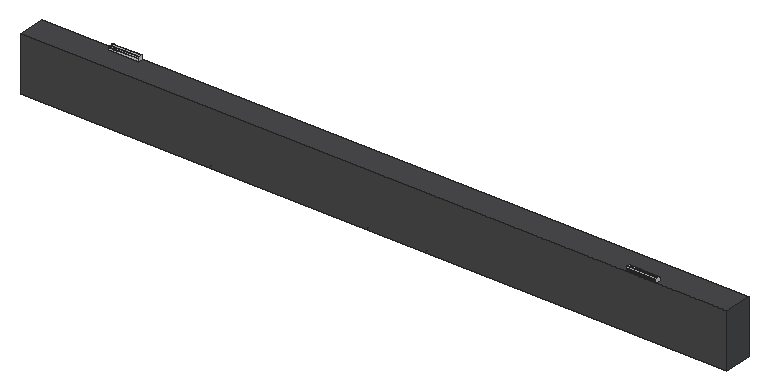
Revit family "DTM40N9.1.15", category Luminarias, Revit 2019
Family settings
  Cota de conector redondo = Diámetro de uso
  Tipo de pieza = Normal
  Se basa en plano de trabajo = Sí
  Siempre vertical = Sí
  Corte con vacíos al cargar = No
  Origen de luz = Sí
  Compartido = No
  Punto de cálculo de habitación = No
Parameters (values of type "RECTANGULAR DWN RIEL_DTM40N9.1.15")
  Ángulo de inclinación = 60.00°
  Zone [instance] = ""
  Watt per fixture = 42.9
  Wattage = 42.9 W
  built-in parameter 1150107 = 4000 (stored number, unit not read)
  built-in parameter 1150110 = 1 (stored number, unit not read)
  built-in parameter 1150109 = 1 (stored number, unit not read)
  built-in parameter 1150112 = 1 (stored number, unit not read)
  built-in parameter 1150113 = 1 (stored number, unit not read)
  built-in parameter 1114218 = 1 (stored number, unit not read)
  Keynote = ""
  built-in parameter 1150137 = (empty or 0)
  built-in parameter 1150132 = (empty or 0)
  Modelo = "DTM40N9.1.15"
  Lámpara = "3030SMD PHILIPS"
  built-in parameter 1150105 = 279.94 (stored number, unit not read)
  built-in parameter 1150102 = (empty or 0)
  built-in parameter 1150106 = 2.7994 (stored number, unit not read)
  Lumens = 3517.8 lm
  Color Filter = 16777215
  built-in parameter 1114217 = 1 (stored number, unit not read)
  built-in parameter 1150139 = (empty or 0)
  Fabricante = "BRILLANT"
  Default Elevation = 1219.2 mm
  built-in parameter 1150104 = 7.618 (stored number, unit not read)
  Descripción = "LUMINARIA DOWNLIGHT EN FORMATO RECTANGULAR COMPATIBLE CON RIEL DE 6 ENTRADAS Y 3 CIRCUITOS, CUERPO DE ALUMINIO ACABADO EN COLOR NEGRO, IP 20, PESO 1.98Kg, TIPO DE LED 3030SMD PHILIPS CON 42.9W TOTAL, 3200 LUMENES, 82LM/W, IRC 90, TEMPERATURA EN BLANCO FRIO 4000K, 50 MIL HORAS DE VIDA PROMEDIO, APERTURA DE 15 GRADOS POR PROYECTO, ALIMENTADO A 90-240V"
  built-in parameter 1150115 = 1 (stored number, unit not read)
  built-in parameter 1150114 = 1 (stored number, unit not read)
  Comentarios de vataje = "90-240V"
  built-in parameter 1150138 = (empty or 0)
  built-in parameter 1150134 = 12
  Circuit [instance] = ""
  Dimming Lamp Color Temperature Shift = (empty or 0)
  Archivo de red fotométrica = "L964A-40W-840-B-15_IESNA95.IES"
  built-in parameter 1150133 = 10 (stored number, unit not read)
Reference planes
  plane 1 "Centro (Frontal/Posterior)": y = 0
  plane 2: z = 0
  plane 3 "Centro (Izquierda/Derecha)": x = 0
Forms (mm)
  Extrusion 1, solid, material "Default Form"
    sketch origin (0, 0, 0) x (1, 0, 0) y (0, 0, 1)
      loop
        line (-473, 0) -> (-473, -72) -> (473, -72) -> (473, 0) -> (-473, 0)
    from -18.326 to 18.326
  Extrusion 2, solid
    sketch origin (-250, 0, 3.217) x (0, -1, 0) y (0, 0, 1)
      loop
        line (-12.149, -3.217) -> (-12.149, 0) -> (-12.935, 0) -> (-12.935, 1.637) -> (-13.796, 1.637) -> (-13.796, 0) -> (-14.582, 0) -> (-14.582, 0.811) -> (-15.443, 0.811) -> (-15.443, 0) -> (-16.233, 0) -> (-16.233, 2.691) -> (-17.279, 2.691) -> (-17.279, 0) -> (-18.061, 0) -> (-18.061, -0.861) -> (-17.162, -0.861) -> (-17.162, -2.042) -> (-18.326, -2.042) -> (-18.326, -3.217) -> (-12.149, -3.217)
    from 89.098 to 128.24
  Blend 3, void
    base sketch origin (-293.63, 0, 0) x (1, 0, 0) y (0, 1, 0)
      loop
        line (-162, 16.149) -> (-162, -16.149) -> (-144.14, -16.149) -> (-144.14, 16.149) -> (-162, 16.149)
    top sketch origin (-293.63, 0, 0) x (1, 0, 0) y (0, 1, 0)
      loop
        line (-160, 12.149) -> (-160, -12.149) -> (-146.14, -12.149) -> (-146.14, 12.149) -> (-160, 12.149)
    from -72 to -61.591
  Blend 4, void
    base sketch origin (-267.33, 0, 0) x (1, 0, 0) y (0, 1, 0)
      loop
        line (-162, 16.149) -> (-162, -16.149) -> (-144.14, -16.149) -> (-144.14, 16.149) -> (-162, 16.149)
    top sketch origin (-267.33, 0, 0) x (1, 0, 0) y (0, 1, 0)
      loop
        line (-160, 12.149) -> (-160, -12.149) -> (-146.14, -12.149) -> (-146.14, 12.149) -> (-160, 12.149)
    from -72 to -61.591
  Blend 5, void
    base sketch origin (-241.03, 0, 0) x (1, 0, 0) y (0, 1, 0)
      loop
        line (-162, 16.149) -> (-162, -16.149) -> (-144.14, -16.149) -> (-144.14, 16.149) -> (-162, 16.149)
    top sketch origin (-241.03, 0, 0) x (1, 0, 0) y (0, 1, 0)
      loop
        line (-160, 12.149) -> (-160, -12.149) -> (-146.14, -12.149) -> (-146.14, 12.149) -> (-160, 12.149)
    from -72 to -61.591
  Blend 6, void
    base sketch origin (-214.73, 0, 0) x (1, 0, 0) y (0, 1, 0)
      loop
        line (-162, 16.149) -> (-162, -16.149) -> (-144.14, -16.149) -> (-144.14, 16.149) -> (-162, 16.149)
    top sketch origin (-214.73, 0, 0) x (1, 0, 0) y (0, 1, 0)
      loop
        line (-160, 12.149) -> (-160, -12.149) -> (-146.14, -12.149) -> (-146.14, 12.149) -> (-160, 12.149)
    from -72 to -61.591
  Blend 7, void
    base sketch origin (-188.43, 0, 0) x (1, 0, 0) y (0, 1, 0)
      loop
        line (-162, 16.149) -> (-162, -16.149) -> (-144.14, -16.149) -> (-144.14, 16.149) -> (-162, 16.149)
    top sketch origin (-188.43, 0, 0) x (1, 0, 0) y (0, 1, 0)
      loop
        line (-160, 12.149) -> (-160, -12.149) -> (-146.14, -12.149) -> (-146.14, 12.149) -> (-160, 12.149)
    from -72 to -61.591
  Blend 8, void
    base sketch origin (-162.13, 0, 0) x (1, 0, 0) y (0, 1, 0)
      loop
        line (-162, 16.149) -> (-162, -16.149) -> (-144.14, -16.149) -> (-144.14, 16.149) -> (-162, 16.149)
    top sketch origin (-162.13, 0, 0) x (1, 0, 0) y (0, 1, 0)
      loop
        line (-160, 12.149) -> (-160, -12.149) -> (-146.14, -12.149) -> (-146.14, 12.149) -> (-160, 12.149)
    from -72 to -61.591
  Blend 9, void
    base sketch origin (-135.83, 0, 0) x (1, 0, 0) y (0, 1, 0)
      loop
        line (-162, 16.149) -> (-162, -16.149) -> (-144.14, -16.149) -> (-144.14, 16.149) -> (-162, 16.149)
    top sketch origin (-135.83, 0, 0) x (1, 0, 0) y (0, 1, 0)
      loop
        line (-160, 12.149) -> (-160, -12.149) -> (-146.14, -12.149) -> (-146.14, 12.149) -> (-160, 12.149)
    from -72 to -61.591
  Blend 10, void
    base sketch origin (-109.53, 0, 0) x (1, 0, 0) y (0, 1, 0)
      loop
        line (-162, 16.149) -> (-162, -16.149) -> (-144.14, -16.149) -> (-144.14, 16.149) -> (-162, 16.149)
    top sketch origin (-109.53, 0, 0) x (1, 0, 0) y (0, 1, 0)
      loop
        line (-160, 12.149) -> (-160, -12.149) -> (-146.14, -12.149) -> (-146.14, 12.149) -> (-160, 12.149)
    from -72 to -61.591
  Blend 11, void
    base sketch origin (-83.23, 0, 0) x (1, 0, 0) y (0, 1, 0)
      loop
        line (-162, 16.149) -> (-162, -16.149) -> (-144.14, -16.149) -> (-144.14, 16.149) -> (-162, 16.149)
    top sketch origin (-83.23, 0, 0) x (1, 0, 0) y (0, 1, 0)
      loop
        line (-160, 12.149) -> (-160, -12.149) -> (-146.14, -12.149) -> (-146.14, 12.149) -> (-160, 12.149)
    from -72 to -61.591
  Blend 12, void
    base sketch origin (-56.93, 0, 0) x (1, 0, 0) y (0, 1, 0)
      loop
        line (-162, 16.149) -> (-162, -16.149) -> (-144.14, -16.149) -> (-144.14, 16.149) -> (-162, 16.149)
    top sketch origin (-56.93, 0, 0) x (1, 0, 0) y (0, 1, 0)
      loop
        line (-160, 12.149) -> (-160, -12.149) -> (-146.14, -12.149) -> (-146.14, 12.149) -> (-160, 12.149)
    from -72 to -61.591
  Blend 13, void
    base sketch origin (-30.63, 0, 0) x (1, 0, 0) y (0, 1, 0)
      loop
        line (-162, 16.149) -> (-162, -16.149) -> (-144.14, -16.149) -> (-144.14, 16.149) -> (-162, 16.149)
    top sketch origin (-30.63, 0, 0) x (1, 0, 0) y (0, 1, 0)
      loop
        line (-160, 12.149) -> (-160, -12.149) -> (-146.14, -12.149) -> (-146.14, 12.149) -> (-160, 12.149)
    from -72 to -61.591
  Blend 14, void
    base sketch origin (-4.33, 0, 0) x (1, 0, 0) y (0, 1, 0)
      loop
        line (-162, 16.149) -> (-162, -16.149) -> (-144.14, -16.149) -> (-144.14, 16.149) -> (-162, 16.149)
    top sketch origin (-4.33, 0, 0) x (1, 0, 0) y (0, 1, 0)
      loop
        line (-160, 12.149) -> (-160, -12.149) -> (-146.14, -12.149) -> (-146.14, 12.149) -> (-160, 12.149)
    from -72 to -61.591
  Blend 15, void
    base sketch origin (21.97, 0, 0) x (1, 0, 0) y (0, 1, 0)
      loop
        line (-162, 16.149) -> (-162, -16.149) -> (-144.14, -16.149) -> (-144.14, 16.149) -> (-162, 16.149)
    top sketch origin (21.97, 0, 0) x (1, 0, 0) y (0, 1, 0)
      loop
        line (-160, 12.149) -> (-160, -12.149) -> (-146.14, -12.149) -> (-146.14, 12.149) -> (-160, 12.149)
    from -72 to -61.591
  Blend 16, void
    base sketch origin (48.27, 0, 0) x (1, 0, 0) y (0, 1, 0)
      loop
        line (-162, 16.149) -> (-162, -16.149) -> (-144.14, -16.149) -> (-144.14, 16.149) -> (-162, 16.149)
    top sketch origin (48.27, 0, 0) x (1, 0, 0) y (0, 1, 0)
      loop
        line (-160, 12.149) -> (-160, -12.149) -> (-146.14, -12.149) -> (-146.14, 12.149) -> (-160, 12.149)
    from -72 to -61.591
  Blend 17, void
    base sketch origin (74.57, 0, 0) x (1, 0, 0) y (0, 1, 0)
      loop
        line (-162, 16.149) -> (-162, -16.149) -> (-144.14, -16.149) -> (-144.14, 16.149) -> (-162, 16.149)
    top sketch origin (74.57, 0, 0) x (1, 0, 0) y (0, 1, 0)
      loop
        line (-160, 12.149) -> (-160, -12.149) -> (-146.14, -12.149) -> (-146.14, 12.149) -> (-160, 12.149)
    from -72 to -61.591
  Blend 18, void
    base sketch origin (100.87, 0, 0) x (1, 0, 0) y (0, 1, 0)
      loop
        line (-162, 16.149) -> (-162, -16.149) -> (-144.14, -16.149) -> (-144.14, 16.149) -> (-162, 16.149)
    top sketch origin (100.87, 0, 0) x (1, 0, 0) y (0, 1, 0)
      loop
        line (-160, 12.149) -> (-160, -12.149) -> (-146.14, -12.149) -> (-146.14, 12.149) -> (-160, 12.149)
    from -72 to -61.591
  Blend 19, void
    base sketch origin (127.17, 0, 0) x (1, 0, 0) y (0, 1, 0)
      loop
        line (-162, 16.149) -> (-162, -16.149) -> (-144.14, -16.149) -> (-144.14, 16.149) -> (-162, 16.149)
    top sketch origin (127.17, 0, 0) x (1, 0, 0) y (0, 1, 0)
      loop
        line (-160, 12.149) -> (-160, -12.149) -> (-146.14, -12.149) -> (-146.14, 12.149) -> (-160, 12.149)
    from -72 to -61.591
  Blend 20, void
    base sketch origin (153.47, 0, 0) x (1, 0, 0) y (0, 1, 0)
      loop
        line (-162, 16.149) -> (-162, -16.149) -> (-144.14, -16.149) -> (-144.14, 16.149) -> (-162, 16.149)
    top sketch origin (153.47, 0, 0) x (1, 0, 0) y (0, 1, 0)
      loop
        line (-160, 12.149) -> (-160, -12.149) -> (-146.14, -12.149) -> (-146.14, 12.149) -> (-160, 12.149)
    from -72 to -61.591
  Blend 21, void
    base sketch origin (179.77, 0, 0) x (1, 0, 0) y (0, 1, 0)
      loop
        line (-162, 16.149) -> (-162, -16.149) -> (-144.14, -16.149) -> (-144.14, 16.149) -> (-162, 16.149)
    top sketch origin (179.77, 0, 0) x (1, 0, 0) y (0, 1, 0)
      loop
        line (-160, 12.149) -> (-160, -12.149) -> (-146.14, -12.149) -> (-146.14, 12.149) -> (-160, 12.149)
    from -72 to -61.591
  Blend 22, void
    base sketch origin (206.07, 0, 0) x (1, 0, 0) y (0, 1, 0)
      loop
        line (-162, 16.149) -> (-162, -16.149) -> (-144.14, -16.149) -> (-144.14, 16.149) -> (-162, 16.149)
    top sketch origin (206.07, 0, 0) x (1, 0, 0) y (0, 1, 0)
      loop
        line (-160, 12.149) -> (-160, -12.149) -> (-146.14, -12.149) -> (-146.14, 12.149) -> (-160, 12.149)
    from -72 to -61.591
  Blend 23, void
    base sketch origin (232.37, 0, 0) x (1, 0, 0) y (0, 1, 0)
      loop
        line (-162, 16.149) -> (-162, -16.149) -> (-144.14, -16.149) -> (-144.14, 16.149) -> (-162, 16.149)
    top sketch origin (232.37, 0, 0) x (1, 0, 0) y (0, 1, 0)
      loop
        line (-160, 12.149) -> (-160, -12.149) -> (-146.14, -12.149) -> (-146.14, 12.149) -> (-160, 12.149)
    from -72 to -61.591
  Blend 24, void
    base sketch origin (258.67, 0, 0) x (1, 0, 0) y (0, 1, 0)
      loop
        line (-162, 16.149) -> (-162, -16.149) -> (-144.14, -16.149) -> (-144.14, 16.149) -> (-162, 16.149)
    top sketch origin (258.67, 0, 0) x (1, 0, 0) y (0, 1, 0)
      loop
        line (-160, 12.149) -> (-160, -12.149) -> (-146.14, -12.149) -> (-146.14, 12.149) -> (-160, 12.149)
    from -72 to -61.591
  Blend 25, void
    base sketch origin (284.97, 0, 0) x (1, 0, 0) y (0, 1, 0)
      loop
        line (-162, 16.149) -> (-162, -16.149) -> (-144.14, -16.149) -> (-144.14, 16.149) -> (-162, 16.149)
    top sketch origin (284.97, 0, 0) x (1, 0, 0) y (0, 1, 0)
      loop
        line (-160, 12.149) -> (-160, -12.149) -> (-146.14, -12.149) -> (-146.14, 12.149) -> (-160, 12.149)
    from -72 to -61.591
  Blend 26, void
    base sketch origin (311.27, 0, 0) x (1, 0, 0) y (0, 1, 0)
      loop
        line (-162, 16.149) -> (-162, -16.149) -> (-144.14, -16.149) -> (-144.14, 16.149) -> (-162, 16.149)
    top sketch origin (311.27, 0, 0) x (1, 0, 0) y (0, 1, 0)
      loop
        line (-160, 12.149) -> (-160, -12.149) -> (-146.14, -12.149) -> (-146.14, 12.149) -> (-160, 12.149)
    from -72 to -61.591
  Blend 27, void
    base sketch origin (337.57, 0, 0) x (1, 0, 0) y (0, 1, 0)
      loop
        line (-162, 16.149) -> (-162, -16.149) -> (-144.14, -16.149) -> (-144.14, 16.149) -> (-162, 16.149)
    top sketch origin (337.57, 0, 0) x (1, 0, 0) y (0, 1, 0)
      loop
        line (-160, 12.149) -> (-160, -12.149) -> (-146.14, -12.149) -> (-146.14, 12.149) -> (-160, 12.149)
    from -72 to -61.591
  Blend 28, void
    base sketch origin (363.87, 0, 0) x (1, 0, 0) y (0, 1, 0)
      loop
        line (-162, 16.149) -> (-162, -16.149) -> (-144.14, -16.149) -> (-144.14, 16.149) -> (-162, 16.149)
    top sketch origin (363.87, 0, 0) x (1, 0, 0) y (0, 1, 0)
      loop
        line (-160, 12.149) -> (-160, -12.149) -> (-146.14, -12.149) -> (-146.14, 12.149) -> (-160, 12.149)
    from -72 to -61.591
  Blend 29, void
    base sketch origin (390.17, 0, 0) x (1, 0, 0) y (0, 1, 0)
      loop
        line (-162, 16.149) -> (-162, -16.149) -> (-144.14, -16.149) -> (-144.14, 16.149) -> (-162, 16.149)
    top sketch origin (390.17, 0, 0) x (1, 0, 0) y (0, 1, 0)
      loop
        line (-160, 12.149) -> (-160, -12.149) -> (-146.14, -12.149) -> (-146.14, 12.149) -> (-160, 12.149)
    from -72 to -61.591
  Blend 30, void
    base sketch origin (416.47, 0, 0) x (1, 0, 0) y (0, 1, 0)
      loop
        line (-162, 16.149) -> (-162, -16.149) -> (-144.14, -16.149) -> (-144.14, 16.149) -> (-162, 16.149)
    top sketch origin (416.47, 0, 0) x (1, 0, 0) y (0, 1, 0)
      loop
        line (-160, 12.149) -> (-160, -12.149) -> (-146.14, -12.149) -> (-146.14, 12.149) -> (-160, 12.149)
    from -72 to -61.591
  Blend 31, void
    base sketch origin (442.77, 0, 0) x (1, 0, 0) y (0, 1, 0)
      loop
        line (-162, 16.149) -> (-162, -16.149) -> (-144.14, -16.149) -> (-144.14, 16.149) -> (-162, 16.149)
    top sketch origin (442.77, 0, 0) x (1, 0, 0) y (0, 1, 0)
      loop
        line (-160, 12.149) -> (-160, -12.149) -> (-146.14, -12.149) -> (-146.14, 12.149) -> (-160, 12.149)
    from -72 to -61.591
  Blend 32, void
    base sketch origin (469.07, 0, 0) x (1, 0, 0) y (0, 1, 0)
      loop
        line (-162, 16.149) -> (-162, -16.149) -> (-144.14, -16.149) -> (-144.14, 16.149) -> (-162, 16.149)
    top sketch origin (469.07, 0, 0) x (1, 0, 0) y (0, 1, 0)
      loop
        line (-160, 12.149) -> (-160, -12.149) -> (-146.14, -12.149) -> (-146.14, 12.149) -> (-160, 12.149)
    from -72 to -61.591
  Blend 33, void
    base sketch origin (495.37, 0, 0) x (1, 0, 0) y (0, 1, 0)
      loop
        line (-162, 16.149) -> (-162, -16.149) -> (-144.14, -16.149) -> (-144.14, 16.149) -> (-162, 16.149)
    top sketch origin (495.37, 0, 0) x (1, 0, 0) y (0, 1, 0)
      loop
        line (-160, 12.149) -> (-160, -12.149) -> (-146.14, -12.149) -> (-146.14, 12.149) -> (-160, 12.149)
    from -72 to -61.591
  Blend 34, void
    base sketch origin (521.67, 0, 0) x (1, 0, 0) y (0, 1, 0)
      loop
        line (-162, 16.149) -> (-162, -16.149) -> (-144.14, -16.149) -> (-144.14, 16.149) -> (-162, 16.149)
    top sketch origin (521.67, 0, 0) x (1, 0, 0) y (0, 1, 0)
      loop
        line (-160, 12.149) -> (-160, -12.149) -> (-146.14, -12.149) -> (-146.14, 12.149) -> (-160, 12.149)
    from -72 to -61.591
  Blend 35, void
    base sketch origin (547.97, 0, 0) x (1, 0, 0) y (0, 1, 0)
      loop
        line (-162, 16.149) -> (-162, -16.149) -> (-144.14, -16.149) -> (-144.14, 16.149) -> (-162, 16.149)
    top sketch origin (547.97, 0, 0) x (1, 0, 0) y (0, 1, 0)
      loop
        line (-160, 12.149) -> (-160, -12.149) -> (-146.14, -12.149) -> (-146.14, 12.149) -> (-160, 12.149)
    from -72 to -61.591
  Blend 36, void
    base sketch origin (574.27, 0, 0) x (1, 0, 0) y (0, 1, 0)
      loop
        line (-162, 16.149) -> (-162, -16.149) -> (-144.14, -16.149) -> (-144.14, 16.149) -> (-162, 16.149)
    top sketch origin (574.27, 0, 0) x (1, 0, 0) y (0, 1, 0)
      loop
        line (-160, 12.149) -> (-160, -12.149) -> (-146.14, -12.149) -> (-146.14, 12.149) -> (-160, 12.149)
    from -72 to -61.591
  Blend 37, void
    base sketch origin (600.57, 0, 0) x (1, 0, 0) y (0, 1, 0)
      loop
        line (-162, 16.149) -> (-162, -16.149) -> (-144.14, -16.149) -> (-144.14, 16.149) -> (-162, 16.149)
    top sketch origin (600.57, 0, 0) x (1, 0, 0) y (0, 1, 0)
      loop
        line (-160, 12.149) -> (-160, -12.149) -> (-146.14, -12.149) -> (-146.14, 12.149) -> (-160, 12.149)
    from -72 to -61.591
  Extrusion 38, solid
    sketch origin (250, 0, 3.217) x (0, 1, 0) y (0, 0, 1)
      loop
        line (-12.149, -3.217) -> (-12.149, 0) -> (-12.935, 0) -> (-12.935, 1.637) -> (-13.796, 1.637) -> (-13.796, 0) -> (-14.582, 0) -> (-14.582, 0.811) -> (-15.443, 0.811) -> (-15.443, 0) -> (-16.233, 0) -> (-16.233, 2.691) -> (-17.279, 2.691) -> (-17.279, 0) -> (-18.061, 0) -> (-18.061, -0.861) -> (-17.162, -0.861) -> (-17.162, -2.042) -> (-18.326, -2.042) -> (-18.326, -3.217) -> (-12.149, -3.217)
    from 89.098 to 128.24
Cuts and joins
  Blend 3, Blend 4, Blend 5, Blend 6, Blend 7, Blend 8, Blend 9, Blend 10, Blend 11, Blend 12, Blend 13, Blend 14, Blend 15, Blend 16, Blend 17, Blend 18, Blend 19, Blend 20, Blend 21, Blend 22, Blend 23, Blend 24, Blend 25, Blend 26, Blend 27, Blend 28, Blend 29, Blend 30, Blend 31, Blend 32, Blend 33, Blend 34, Blend 35, Blend 36, Blend 37 cuts Extrusion 1
Dimensions and locks
  equal spacing: Extrusion 1, plane 1 "Centro (Frontal/Posterior)", Extrusion 1
  Extrusion 1 to plane 1 "Centro (Frontal/Posterior)" = 18.326 mm
  Extrusion 1 to Extrusion 1 = 36.651 mm
  Extrusion 1 to Extrusion 1 = 72 mm
  Extrusion 1 to Extrusion 1 = 946 mm
  cut or joined group 1 (Extrusion 1, Blend 3, Blend 4, Blend 5, Blend 6, Blend 7, Blend 8, Blend 9, Blend 10, Blend 11, Blend 12, Blend 13, Blend 14, Blend 15, Blend 16, Blend 17, Blend 18, Blend 19, Blend 20, Blend 21, Blend 22, Blend 23, Blend 24, Blend 25, Blend 26, Blend 27, Blend 28, Blend 29, Blend 30, Blend 31, Blend 32, Blend 33, Blend 34, Blend 35, Blend 36, Blend 37) to cut or joined group 1 = 72 mm
  cut or joined group 1 to cut or joined group 1 = 36.651 mm
  cut or joined group 1 to cut or joined group 1 = 946 mm
  equal spacing: cut or joined group 1, plane 1 "Centro (Frontal/Posterior)", cut or joined group 1
  aligned and locked: level to plane 2
Automatic sketch dimensions
  Extrusion 1 sketch curve to level = 0 mm
  Extrusion 1 sketch curve to level = 72 mm
  Extrusion 1 sketch curve to plane 3 "Centro (Izquierda/Derecha)" = 473 mm
  plane 3 "Centro (Izquierda/Derecha)" to Extrusion 1 sketch curve = 473 mm
  Extrusion 2 sketch curve to level = 0 mm
  level to Extrusion 2 sketch curve = 1.175 mm
  Extrusion 2 sketch curve to plane 1 "Centro (Frontal/Posterior)" = 18.326 mm
  Extrusion 2 sketch curve to Extrusion 2 sketch curve = 0.265 mm
  Extrusion 2 sketch curve to Extrusion 2 sketch curve = 0.782 mm
  Extrusion 2 sketch curve to Extrusion 2 sketch curve = 1.164 mm
  Extrusion 2 sketch curve to Extrusion 2 sketch curve = 1.046 mm
  Extrusion 2 sketch curve to Extrusion 2 sketch curve = 0.789 mm
  Extrusion 2 sketch curve to Extrusion 2 sketch curve = 0.861 mm  (x3)
  Extrusion 2 sketch curve to Extrusion 2 sketch curve = 0.786 mm
  Extrusion 2 sketch curve to Extrusion 2 sketch curve = 0.785 mm
  Extrusion 2 sketch curve to Extrusion 2 sketch curve = 1.181 mm
  level to Extrusion 2 sketch curve = 3.217 mm
  Extrusion 2 sketch curve to Extrusion 2 sketch curve = 0 mm  (x2)
  Extrusion 2 sketch curve to Extrusion 2 sketch curve = 0.811 mm
  Extrusion 2 sketch curve to Extrusion 2 sketch curve = 0.826 mm
  Extrusion 2 sketch curve to Extrusion 2 sketch curve = 1.88 mm
  Blend 3 sketch curve to plane 1 "Centro (Frontal/Posterior)" = 16.149 mm
  Blend 3 sketch curve to plane 3 "Centro (Izquierda/Derecha)" = 455.63 mm
  Blend 3 sketch curve to Blend 3 sketch curve = 17.86 mm
  plane 1 "Centro (Frontal/Posterior)" to Blend 3 sketch curve = 16.149 mm
  Blend 3 sketch curve to plane 1 "Centro (Frontal/Posterior)" = 12.149 mm
  Blend 3 sketch curve to plane 3 "Centro (Izquierda/Derecha)" = 453.63 mm
  Blend 3 sketch curve to Blend 3 sketch curve = 13.86 mm
  plane 1 "Centro (Frontal/Posterior)" to Blend 3 sketch curve = 12.149 mm
  Blend 4 sketch curve to plane 1 "Centro (Frontal/Posterior)" = 16.149 mm
  Blend 4 sketch curve to plane 3 "Centro (Izquierda/Derecha)" = 429.33 mm
  Blend 4 sketch curve to Blend 4 sketch curve = 17.86 mm
  plane 1 "Centro (Frontal/Posterior)" to Blend 4 sketch curve = 16.149 mm
  Blend 4 sketch curve to plane 1 "Centro (Frontal/Posterior)" = 12.149 mm
  Blend 4 sketch curve to plane 3 "Centro (Izquierda/Derecha)" = 427.33 mm
  Blend 4 sketch curve to Blend 4 sketch curve = 13.86 mm
  plane 1 "Centro (Frontal/Posterior)" to Blend 4 sketch curve = 12.149 mm
  Blend 5 sketch curve to plane 1 "Centro (Frontal/Posterior)" = 16.149 mm
  Blend 5 sketch curve to plane 3 "Centro (Izquierda/Derecha)" = 403.03 mm
  Blend 5 sketch curve to Blend 5 sketch curve = 17.86 mm
  plane 1 "Centro (Frontal/Posterior)" to Blend 5 sketch curve = 16.149 mm
  Blend 5 sketch curve to plane 1 "Centro (Frontal/Posterior)" = 12.149 mm
  Blend 5 sketch curve to plane 3 "Centro (Izquierda/Derecha)" = 401.03 mm
  Blend 5 sketch curve to Blend 5 sketch curve = 13.86 mm
  plane 1 "Centro (Frontal/Posterior)" to Blend 5 sketch curve = 12.149 mm
  Blend 6 sketch curve to plane 1 "Centro (Frontal/Posterior)" = 16.149 mm
  Blend 6 sketch curve to plane 3 "Centro (Izquierda/Derecha)" = 376.73 mm
  Blend 6 sketch curve to Blend 6 sketch curve = 17.86 mm
  plane 1 "Centro (Frontal/Posterior)" to Blend 6 sketch curve = 16.149 mm
  Blend 6 sketch curve to plane 1 "Centro (Frontal/Posterior)" = 12.149 mm
  Blend 6 sketch curve to plane 3 "Centro (Izquierda/Derecha)" = 374.73 mm
  Blend 6 sketch curve to Blend 6 sketch curve = 13.86 mm
  plane 1 "Centro (Frontal/Posterior)" to Blend 6 sketch curve = 12.149 mm
  Blend 7 sketch curve to plane 1 "Centro (Frontal/Posterior)" = 16.149 mm
  Blend 7 sketch curve to plane 3 "Centro (Izquierda/Derecha)" = 350.43 mm
  Blend 7 sketch curve to Blend 7 sketch curve = 17.86 mm
  plane 1 "Centro (Frontal/Posterior)" to Blend 7 sketch curve = 16.149 mm
  Blend 7 sketch curve to plane 1 "Centro (Frontal/Posterior)" = 12.149 mm
  Blend 7 sketch curve to plane 3 "Centro (Izquierda/Derecha)" = 348.43 mm
  Blend 7 sketch curve to Blend 7 sketch curve = 13.86 mm
  plane 1 "Centro (Frontal/Posterior)" to Blend 7 sketch curve = 12.149 mm
  Blend 8 sketch curve to plane 1 "Centro (Frontal/Posterior)" = 16.149 mm
  Blend 8 sketch curve to plane 3 "Centro (Izquierda/Derecha)" = 324.13 mm
  Blend 8 sketch curve to Blend 8 sketch curve = 17.86 mm
  plane 1 "Centro (Frontal/Posterior)" to Blend 8 sketch curve = 16.149 mm
  Blend 8 sketch curve to plane 1 "Centro (Frontal/Posterior)" = 12.149 mm
  Blend 8 sketch curve to plane 3 "Centro (Izquierda/Derecha)" = 322.13 mm
  Blend 8 sketch curve to Blend 8 sketch curve = 13.86 mm
  plane 1 "Centro (Frontal/Posterior)" to Blend 8 sketch curve = 12.149 mm
  Blend 9 sketch curve to plane 1 "Centro (Frontal/Posterior)" = 16.149 mm
  Blend 9 sketch curve to plane 3 "Centro (Izquierda/Derecha)" = 297.83 mm
  Blend 9 sketch curve to Blend 9 sketch curve = 17.86 mm
  plane 1 "Centro (Frontal/Posterior)" to Blend 9 sketch curve = 16.149 mm
  Blend 9 sketch curve to plane 1 "Centro (Frontal/Posterior)" = 12.149 mm
  Blend 9 sketch curve to plane 3 "Centro (Izquierda/Derecha)" = 295.83 mm
  Blend 9 sketch curve to Blend 9 sketch curve = 13.86 mm
  plane 1 "Centro (Frontal/Posterior)" to Blend 9 sketch curve = 12.149 mm
  Blend 10 sketch curve to plane 1 "Centro (Frontal/Posterior)" = 16.149 mm
  Blend 10 sketch curve to plane 3 "Centro (Izquierda/Derecha)" = 271.53 mm
  Blend 10 sketch curve to Blend 10 sketch curve = 17.86 mm
  plane 1 "Centro (Frontal/Posterior)" to Blend 10 sketch curve = 16.149 mm
  Blend 10 sketch curve to plane 1 "Centro (Frontal/Posterior)" = 12.149 mm
  Blend 10 sketch curve to plane 3 "Centro (Izquierda/Derecha)" = 269.53 mm
  Blend 10 sketch curve to Blend 10 sketch curve = 13.86 mm
  plane 1 "Centro (Frontal/Posterior)" to Blend 10 sketch curve = 12.149 mm
  Blend 11 sketch curve to plane 1 "Centro (Frontal/Posterior)" = 16.149 mm
  Blend 11 sketch curve to plane 3 "Centro (Izquierda/Derecha)" = 245.23 mm
  Blend 11 sketch curve to Blend 11 sketch curve = 17.86 mm
  plane 1 "Centro (Frontal/Posterior)" to Blend 11 sketch curve = 16.149 mm
  Blend 11 sketch curve to plane 1 "Centro (Frontal/Posterior)" = 12.149 mm
  Blend 11 sketch curve to plane 3 "Centro (Izquierda/Derecha)" = 243.23 mm
  Blend 11 sketch curve to Blend 11 sketch curve = 13.86 mm
  plane 1 "Centro (Frontal/Posterior)" to Blend 11 sketch curve = 12.149 mm
  Blend 12 sketch curve to plane 1 "Centro (Frontal/Posterior)" = 16.149 mm
  Blend 12 sketch curve to plane 3 "Centro (Izquierda/Derecha)" = 218.93 mm
  Blend 12 sketch curve to Blend 12 sketch curve = 17.86 mm
  plane 1 "Centro (Frontal/Posterior)" to Blend 12 sketch curve = 16.149 mm
  Blend 12 sketch curve to plane 1 "Centro (Frontal/Posterior)" = 12.149 mm
  Blend 12 sketch curve to plane 3 "Centro (Izquierda/Derecha)" = 216.93 mm
  Blend 12 sketch curve to Blend 12 sketch curve = 13.86 mm
  plane 1 "Centro (Frontal/Posterior)" to Blend 12 sketch curve = 12.149 mm
  Blend 13 sketch curve to plane 1 "Centro (Frontal/Posterior)" = 16.149 mm
  Blend 13 sketch curve to plane 3 "Centro (Izquierda/Derecha)" = 192.63 mm
  Blend 13 sketch curve to Blend 13 sketch curve = 17.86 mm
  plane 1 "Centro (Frontal/Posterior)" to Blend 13 sketch curve = 16.149 mm
  Blend 13 sketch curve to plane 1 "Centro (Frontal/Posterior)" = 12.149 mm
  Blend 13 sketch curve to plane 3 "Centro (Izquierda/Derecha)" = 190.63 mm
  Blend 13 sketch curve to Blend 13 sketch curve = 13.86 mm
  plane 1 "Centro (Frontal/Posterior)" to Blend 13 sketch curve = 12.149 mm
  Blend 14 sketch curve to plane 1 "Centro (Frontal/Posterior)" = 16.149 mm
  Blend 14 sketch curve to plane 3 "Centro (Izquierda/Derecha)" = 166.33 mm
  Blend 14 sketch curve to Blend 14 sketch curve = 17.86 mm
  plane 1 "Centro (Frontal/Posterior)" to Blend 14 sketch curve = 16.149 mm
  Blend 14 sketch curve to plane 1 "Centro (Frontal/Posterior)" = 12.149 mm
  Blend 14 sketch curve to plane 3 "Centro (Izquierda/Derecha)" = 164.33 mm
  Blend 14 sketch curve to Blend 14 sketch curve = 13.86 mm
  plane 1 "Centro (Frontal/Posterior)" to Blend 14 sketch curve = 12.149 mm
  Blend 15 sketch curve to plane 1 "Centro (Frontal/Posterior)" = 16.149 mm
  Blend 15 sketch curve to plane 3 "Centro (Izquierda/Derecha)" = 140.03 mm
  Blend 15 sketch curve to Blend 15 sketch curve = 17.86 mm
  plane 1 "Centro (Frontal/Posterior)" to Blend 15 sketch curve = 16.149 mm
  Blend 15 sketch curve to plane 1 "Centro (Frontal/Posterior)" = 12.149 mm
  Blend 15 sketch curve to plane 3 "Centro (Izquierda/Derecha)" = 138.03 mm
  Blend 15 sketch curve to Blend 15 sketch curve = 13.86 mm
  plane 1 "Centro (Frontal/Posterior)" to Blend 15 sketch curve = 12.149 mm
  Blend 16 sketch curve to plane 1 "Centro (Frontal/Posterior)" = 16.149 mm
  Blend 16 sketch curve to plane 3 "Centro (Izquierda/Derecha)" = 113.73 mm
  Blend 16 sketch curve to Blend 16 sketch curve = 17.86 mm
  plane 1 "Centro (Frontal/Posterior)" to Blend 16 sketch curve = 16.149 mm
  Blend 16 sketch curve to plane 1 "Centro (Frontal/Posterior)" = 12.149 mm
  Blend 16 sketch curve to plane 3 "Centro (Izquierda/Derecha)" = 111.73 mm
  Blend 16 sketch curve to Blend 16 sketch curve = 13.86 mm
  plane 1 "Centro (Frontal/Posterior)" to Blend 16 sketch curve = 12.149 mm
  Blend 17 sketch curve to plane 1 "Centro (Frontal/Posterior)" = 16.149 mm
  Blend 17 sketch curve to plane 3 "Centro (Izquierda/Derecha)" = 87.43 mm
  Blend 17 sketch curve to Blend 17 sketch curve = 17.86 mm
  plane 1 "Centro (Frontal/Posterior)" to Blend 17 sketch curve = 16.149 mm
  Blend 17 sketch curve to plane 1 "Centro (Frontal/Posterior)" = 12.149 mm
  Blend 17 sketch curve to plane 3 "Centro (Izquierda/Derecha)" = 85.43 mm
  Blend 17 sketch curve to Blend 17 sketch curve = 13.86 mm
  plane 1 "Centro (Frontal/Posterior)" to Blend 17 sketch curve = 12.149 mm
  Blend 18 sketch curve to plane 1 "Centro (Frontal/Posterior)" = 16.149 mm
  Blend 18 sketch curve to plane 3 "Centro (Izquierda/Derecha)" = 61.13 mm
  Blend 18 sketch curve to Blend 18 sketch curve = 17.86 mm
  plane 1 "Centro (Frontal/Posterior)" to Blend 18 sketch curve = 16.149 mm
  Blend 18 sketch curve to plane 1 "Centro (Frontal/Posterior)" = 12.149 mm
  Blend 18 sketch curve to plane 3 "Centro (Izquierda/Derecha)" = 59.13 mm
  Blend 18 sketch curve to Blend 18 sketch curve = 13.86 mm
  plane 1 "Centro (Frontal/Posterior)" to Blend 18 sketch curve = 12.149 mm
  Blend 19 sketch curve to plane 1 "Centro (Frontal/Posterior)" = 16.149 mm
  Blend 19 sketch curve to plane 3 "Centro (Izquierda/Derecha)" = 34.83 mm
  Blend 19 sketch curve to plane 3 "Centro (Izquierda/Derecha)" = 16.97 mm
  plane 1 "Centro (Frontal/Posterior)" to Blend 19 sketch curve = 16.149 mm
  Blend 19 sketch curve to plane 1 "Centro (Frontal/Posterior)" = 12.149 mm
  Blend 19 sketch curve to plane 3 "Centro (Izquierda/Derecha)" = 32.83 mm
  Blend 19 sketch curve to Blend 19 sketch curve = 13.86 mm
  plane 1 "Centro (Frontal/Posterior)" to Blend 19 sketch curve = 12.149 mm
  Blend 20 sketch curve to plane 3 "Centro (Izquierda/Derecha)" = 8.53 mm
  plane 3 "Centro (Izquierda/Derecha)" to Blend 20 sketch curve = 9.33 mm
  plane 1 "Centro (Frontal/Posterior)" to Blend 20 sketch curve = 16.149 mm
  Blend 20 sketch curve to plane 1 "Centro (Frontal/Posterior)" = 16.149 mm
  Blend 20 sketch curve to plane 3 "Centro (Izquierda/Derecha)" = 6.53 mm
  plane 3 "Centro (Izquierda/Derecha)" to Blend 20 sketch curve = 7.33 mm
  plane 1 "Centro (Frontal/Posterior)" to Blend 20 sketch curve = 12.149 mm
  Blend 20 sketch curve to plane 1 "Centro (Frontal/Posterior)" = 12.149 mm
  plane 3 "Centro (Izquierda/Derecha)" to Blend 21 sketch curve = 17.77 mm
  Blend 21 sketch curve to Blend 21 sketch curve = 17.86 mm
  plane 1 "Centro (Frontal/Posterior)" to Blend 21 sketch curve = 16.149 mm
  Blend 21 sketch curve to plane 1 "Centro (Frontal/Posterior)" = 16.149 mm
  plane 3 "Centro (Izquierda/Derecha)" to Blend 21 sketch curve = 19.77 mm
  Blend 21 sketch curve to Blend 21 sketch curve = 13.86 mm
  plane 1 "Centro (Frontal/Posterior)" to Blend 21 sketch curve = 12.149 mm
  Blend 21 sketch curve to plane 1 "Centro (Frontal/Posterior)" = 12.149 mm
  Blend 22 sketch curve to plane 1 "Centro (Frontal/Posterior)" = 16.149 mm
  plane 3 "Centro (Izquierda/Derecha)" to Blend 22 sketch curve = 44.07 mm
  Blend 22 sketch curve to Blend 22 sketch curve = 17.86 mm
  plane 1 "Centro (Frontal/Posterior)" to Blend 22 sketch curve = 16.149 mm
  Blend 22 sketch curve to plane 1 "Centro (Frontal/Posterior)" = 12.149 mm
  plane 3 "Centro (Izquierda/Derecha)" to Blend 22 sketch curve = 46.07 mm
  Blend 22 sketch curve to Blend 22 sketch curve = 13.86 mm
  plane 1 "Centro (Frontal/Posterior)" to Blend 22 sketch curve = 12.149 mm
  Blend 23 sketch curve to plane 1 "Centro (Frontal/Posterior)" = 16.149 mm
  plane 3 "Centro (Izquierda/Derecha)" to Blend 23 sketch curve = 70.37 mm
  Blend 23 sketch curve to Blend 23 sketch curve = 17.86 mm
  plane 1 "Centro (Frontal/Posterior)" to Blend 23 sketch curve = 16.149 mm
  Blend 23 sketch curve to plane 1 "Centro (Frontal/Posterior)" = 12.149 mm
  plane 3 "Centro (Izquierda/Derecha)" to Blend 23 sketch curve = 72.37 mm
  Blend 23 sketch curve to Blend 23 sketch curve = 13.86 mm
  plane 1 "Centro (Frontal/Posterior)" to Blend 23 sketch curve = 12.149 mm
  Blend 24 sketch curve to plane 1 "Centro (Frontal/Posterior)" = 16.149 mm
  plane 3 "Centro (Izquierda/Derecha)" to Blend 24 sketch curve = 96.67 mm
  Blend 24 sketch curve to Blend 24 sketch curve = 17.86 mm
  plane 1 "Centro (Frontal/Posterior)" to Blend 24 sketch curve = 16.149 mm
  Blend 24 sketch curve to plane 1 "Centro (Frontal/Posterior)" = 12.149 mm
  plane 3 "Centro (Izquierda/Derecha)" to Blend 24 sketch curve = 98.67 mm
  Blend 24 sketch curve to Blend 24 sketch curve = 13.86 mm
  plane 1 "Centro (Frontal/Posterior)" to Blend 24 sketch curve = 12.149 mm
  Blend 25 sketch curve to plane 1 "Centro (Frontal/Posterior)" = 16.149 mm
  plane 3 "Centro (Izquierda/Derecha)" to Blend 25 sketch curve = 122.97 mm
  Blend 25 sketch curve to Blend 25 sketch curve = 17.86 mm
  plane 1 "Centro (Frontal/Posterior)" to Blend 25 sketch curve = 16.149 mm
  Blend 25 sketch curve to plane 1 "Centro (Frontal/Posterior)" = 12.149 mm
  plane 3 "Centro (Izquierda/Derecha)" to Blend 25 sketch curve = 124.97 mm
  Blend 25 sketch curve to Blend 25 sketch curve = 13.86 mm
  plane 1 "Centro (Frontal/Posterior)" to Blend 25 sketch curve = 12.149 mm
  Blend 26 sketch curve to plane 1 "Centro (Frontal/Posterior)" = 16.149 mm
  plane 3 "Centro (Izquierda/Derecha)" to Blend 26 sketch curve = 149.27 mm
  Blend 26 sketch curve to Blend 26 sketch curve = 17.86 mm
  plane 1 "Centro (Frontal/Posterior)" to Blend 26 sketch curve = 16.149 mm
  Blend 26 sketch curve to plane 1 "Centro (Frontal/Posterior)" = 12.149 mm
  plane 3 "Centro (Izquierda/Derecha)" to Blend 26 sketch curve = 151.27 mm
  Blend 26 sketch curve to Blend 26 sketch curve = 13.86 mm
  plane 1 "Centro (Frontal/Posterior)" to Blend 26 sketch curve = 12.149 mm
  Blend 27 sketch curve to plane 1 "Centro (Frontal/Posterior)" = 16.149 mm
  plane 3 "Centro (Izquierda/Derecha)" to Blend 27 sketch curve = 175.57 mm
  Blend 27 sketch curve to Blend 27 sketch curve = 17.86 mm
  plane 1 "Centro (Frontal/Posterior)" to Blend 27 sketch curve = 16.149 mm
  Blend 27 sketch curve to plane 1 "Centro (Frontal/Posterior)" = 12.149 mm
  plane 3 "Centro (Izquierda/Derecha)" to Blend 27 sketch curve = 177.57 mm
  Blend 27 sketch curve to Blend 27 sketch curve = 13.86 mm
  plane 1 "Centro (Frontal/Posterior)" to Blend 27 sketch curve = 12.149 mm
  Blend 28 sketch curve to plane 1 "Centro (Frontal/Posterior)" = 16.149 mm
  plane 3 "Centro (Izquierda/Derecha)" to Blend 28 sketch curve = 201.87 mm
  Blend 28 sketch curve to Blend 28 sketch curve = 17.86 mm
  plane 1 "Centro (Frontal/Posterior)" to Blend 28 sketch curve = 16.149 mm
  Blend 28 sketch curve to plane 1 "Centro (Frontal/Posterior)" = 12.149 mm
  plane 3 "Centro (Izquierda/Derecha)" to Blend 28 sketch curve = 203.87 mm
  Blend 28 sketch curve to Blend 28 sketch curve = 13.86 mm
  plane 1 "Centro (Frontal/Posterior)" to Blend 28 sketch curve = 12.149 mm
  Blend 29 sketch curve to plane 1 "Centro (Frontal/Posterior)" = 16.149 mm
  plane 3 "Centro (Izquierda/Derecha)" to Blend 29 sketch curve = 228.17 mm
  Blend 29 sketch curve to Blend 29 sketch curve = 17.86 mm
  plane 1 "Centro (Frontal/Posterior)" to Blend 29 sketch curve = 16.149 mm
  Blend 29 sketch curve to plane 1 "Centro (Frontal/Posterior)" = 12.149 mm
  plane 3 "Centro (Izquierda/Derecha)" to Blend 29 sketch curve = 230.17 mm
  Blend 29 sketch curve to Blend 29 sketch curve = 13.86 mm
  plane 1 "Centro (Frontal/Posterior)" to Blend 29 sketch curve = 12.149 mm
  Blend 30 sketch curve to plane 1 "Centro (Frontal/Posterior)" = 16.149 mm
  plane 3 "Centro (Izquierda/Derecha)" to Blend 30 sketch curve = 254.47 mm
  Blend 30 sketch curve to Blend 30 sketch curve = 17.86 mm
  plane 1 "Centro (Frontal/Posterior)" to Blend 30 sketch curve = 16.149 mm
  Blend 30 sketch curve to plane 1 "Centro (Frontal/Posterior)" = 12.149 mm
  plane 3 "Centro (Izquierda/Derecha)" to Blend 30 sketch curve = 256.47 mm
  Blend 30 sketch curve to Blend 30 sketch curve = 13.86 mm
  plane 1 "Centro (Frontal/Posterior)" to Blend 30 sketch curve = 12.149 mm
  Blend 31 sketch curve to plane 1 "Centro (Frontal/Posterior)" = 16.149 mm
  plane 3 "Centro (Izquierda/Derecha)" to Blend 31 sketch curve = 280.77 mm
  Blend 31 sketch curve to Blend 31 sketch curve = 17.86 mm
  plane 1 "Centro (Frontal/Posterior)" to Blend 31 sketch curve = 16.149 mm
  Blend 31 sketch curve to plane 1 "Centro (Frontal/Posterior)" = 12.149 mm
  plane 3 "Centro (Izquierda/Derecha)" to Blend 31 sketch curve = 282.77 mm
  Blend 31 sketch curve to Blend 31 sketch curve = 13.86 mm
  plane 1 "Centro (Frontal/Posterior)" to Blend 31 sketch curve = 12.149 mm
  Blend 32 sketch curve to plane 1 "Centro (Frontal/Posterior)" = 16.149 mm
  plane 3 "Centro (Izquierda/Derecha)" to Blend 32 sketch curve = 307.07 mm
  Blend 32 sketch curve to Blend 32 sketch curve = 17.86 mm
  plane 1 "Centro (Frontal/Posterior)" to Blend 32 sketch curve = 16.149 mm
  Blend 32 sketch curve to plane 1 "Centro (Frontal/Posterior)" = 12.149 mm
  plane 3 "Centro (Izquierda/Derecha)" to Blend 32 sketch curve = 309.07 mm
  Blend 32 sketch curve to Blend 32 sketch curve = 13.86 mm
  plane 1 "Centro (Frontal/Posterior)" to Blend 32 sketch curve = 12.149 mm
  Blend 33 sketch curve to plane 1 "Centro (Frontal/Posterior)" = 16.149 mm
  plane 3 "Centro (Izquierda/Derecha)" to Blend 33 sketch curve = 333.37 mm
  Blend 33 sketch curve to Blend 33 sketch curve = 17.86 mm
  plane 1 "Centro (Frontal/Posterior)" to Blend 33 sketch curve = 16.149 mm
  Blend 33 sketch curve to plane 1 "Centro (Frontal/Posterior)" = 12.149 mm
  plane 3 "Centro (Izquierda/Derecha)" to Blend 33 sketch curve = 335.37 mm
  Blend 33 sketch curve to Blend 33 sketch curve = 13.86 mm
  plane 1 "Centro (Frontal/Posterior)" to Blend 33 sketch curve = 12.149 mm
  Blend 34 sketch curve to plane 1 "Centro (Frontal/Posterior)" = 16.149 mm
  plane 3 "Centro (Izquierda/Derecha)" to Blend 34 sketch curve = 359.67 mm
  Blend 34 sketch curve to Blend 34 sketch curve = 17.86 mm
  plane 1 "Centro (Frontal/Posterior)" to Blend 34 sketch curve = 16.149 mm
  Blend 34 sketch curve to plane 1 "Centro (Frontal/Posterior)" = 12.149 mm
  plane 3 "Centro (Izquierda/Derecha)" to Blend 34 sketch curve = 361.67 mm
  Blend 34 sketch curve to Blend 34 sketch curve = 13.86 mm
  plane 1 "Centro (Frontal/Posterior)" to Blend 34 sketch curve = 12.149 mm
  Blend 35 sketch curve to plane 1 "Centro (Frontal/Posterior)" = 16.149 mm
  plane 3 "Centro (Izquierda/Derecha)" to Blend 35 sketch curve = 385.97 mm
  Blend 35 sketch curve to Blend 35 sketch curve = 17.86 mm
  plane 1 "Centro (Frontal/Posterior)" to Blend 35 sketch curve = 16.149 mm
  Blend 35 sketch curve to plane 1 "Centro (Frontal/Posterior)" = 12.149 mm
  plane 3 "Centro (Izquierda/Derecha)" to Blend 35 sketch curve = 387.97 mm
  Blend 35 sketch curve to Blend 35 sketch curve = 13.86 mm
  plane 1 "Centro (Frontal/Posterior)" to Blend 35 sketch curve = 12.149 mm
  Blend 36 sketch curve to plane 1 "Centro (Frontal/Posterior)" = 16.149 mm
  plane 3 "Centro (Izquierda/Derecha)" to Blend 36 sketch curve = 412.27 mm
  Blend 36 sketch curve to Blend 36 sketch curve = 17.86 mm
  plane 1 "Centro (Frontal/Posterior)" to Blend 36 sketch curve = 16.149 mm
  Blend 36 sketch curve to plane 1 "Centro (Frontal/Posterior)" = 12.149 mm
  plane 3 "Centro (Izquierda/Derecha)" to Blend 36 sketch curve = 414.27 mm
  Blend 36 sketch curve to Blend 36 sketch curve = 13.86 mm
  plane 1 "Centro (Frontal/Posterior)" to Blend 36 sketch curve = 12.149 mm
  Blend 37 sketch curve to plane 1 "Centro (Frontal/Posterior)" = 16.149 mm
  plane 3 "Centro (Izquierda/Derecha)" to Blend 37 sketch curve = 438.57 mm
  Blend 37 sketch curve to Blend 37 sketch curve = 17.86 mm
  plane 1 "Centro (Frontal/Posterior)" to Blend 37 sketch curve = 16.149 mm
  Blend 37 sketch curve to plane 1 "Centro (Frontal/Posterior)" = 12.149 mm
  plane 3 "Centro (Izquierda/Derecha)" to Blend 37 sketch curve = 440.57 mm
  Blend 37 sketch curve to Blend 37 sketch curve = 13.86 mm
  plane 1 "Centro (Frontal/Posterior)" to Blend 37 sketch curve = 12.149 mm
  Extrusion 38 sketch curve to level = 0 mm
  level to Extrusion 38 sketch curve = 1.175 mm
  plane 1 "Centro (Frontal/Posterior)" to Extrusion 38 sketch curve = 18.326 mm
  Extrusion 38 sketch curve to Extrusion 38 sketch curve = 0.265 mm
  Extrusion 38 sketch curve to Extrusion 38 sketch curve = 0.782 mm
  Extrusion 38 sketch curve to Extrusion 38 sketch curve = 1.164 mm
  Extrusion 38 sketch curve to Extrusion 38 sketch curve = 1.046 mm
  Extrusion 38 sketch curve to Extrusion 38 sketch curve = 0.789 mm
  Extrusion 38 sketch curve to Extrusion 38 sketch curve = 0.861 mm  (x3)
  Extrusion 38 sketch curve to Extrusion 38 sketch curve = 0.786 mm
  Extrusion 38 sketch curve to Extrusion 38 sketch curve = 0.785 mm
  Extrusion 38 sketch curve to Extrusion 38 sketch curve = 1.181 mm
  level to Extrusion 38 sketch curve = 3.217 mm
  Extrusion 38 sketch curve to Extrusion 38 sketch curve = 0 mm  (x2)
  Extrusion 38 sketch curve to Extrusion 38 sketch curve = 0.811 mm
  Extrusion 38 sketch curve to Extrusion 38 sketch curve = 0.826 mm
  Extrusion 38 sketch curve to Extrusion 38 sketch curve = 1.88 mm
Connectors
  electrical at (0, 0, 0)
    settings: on cut or joined group 1, index 1, voltage 240 V, apparent load 0 VA, apparent load phase1 0 VA, apparent load phase2 0 VA, apparent load phase3 0 VA, power factor 1, load classification "Otro", number of poles 1, system type 31, power factor state 1, is connector primary yes, connector utility no, sub classification motor no, connector description ""
